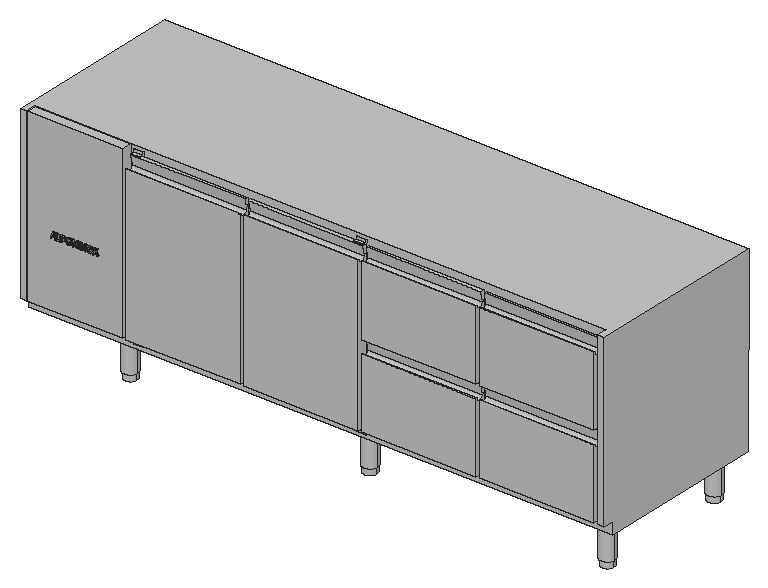
Revit family "QF_ALPENINOX_712078_AH4H7AABB", category Specialty Equipment, Revit 2018
Family settings
  Round Connector Dimension = Use Diameter
  Part Type = Normal
  Work Plane-Based = No
  Always vertical = Yes
  Cut with Voids When Loaded = No
  Shared = No
  Room Calculation Point = No
Parameters
  Weight = 0.00 kg
  Watts = 0.0232258 W
  Volts = 220 V
  URL Manufacturer = "http://www.alpeninox.com/"
  URL = "http://www.alpeninox.com/"
  Steam Supply Size = 0 mm
  Steam Supply Minimum Pressure = 0.0 Pa
  Steam Supply Maximum Pressure = 0.0 Pa
  Steam Pounds per Hour = 0
  Show Logo [instance] = yes
  Show Clearance [instance] = yes
  Refrigeration Suction Line Size = 0 mm
  Refrigeration Liquid Line Size = 0 mm
  Refrigerant Compressor Remote = yes
  Manufacturer = "Alpeninox"
  Phase = 1
  Model = "AH4H7AABB"
  Length Actual = 2249 mm  # constant formula
  Item Number = "712078"
  Hot Water Size = 0 mm
  Height Actual = 850 mm  # constant formula
  HP = "0.3 HP"
  Gas Size = 0 mm
  Gas KW = 0
  Gas Input Pressure = 0 W
  Description = "2 DOORS-4DRAWERS REFR.TABLE 590L-NO TOP"
  Depth Actual = 700 mm  # constant formula
  Cycle = 50 Hz
  Condensate Return Size = 0 mm
  Compressed Air Volume = 0.0 L/s
  Compressed Air Size = 0 mm
  Compressed Air Pressure = 0.0 Pa
  Cold Water Size = 0 mm
  Accessory = yes
Reference planes
  plane 1 "Center X": y = 182.5
  plane 2: z = 0
  plane 3 "Center Y": x = -580.5
  plane 4: y = -62.5
  plane 5: y = 451.5
  plane 6 "BACK": y = 532.5
  plane 7 "FRONT": y = -167.5
  plane 8: x = -1360
  plane 9: x = 478
  plane 10: z = 150
  plane 11 "TOP": z = 900
  plane 12: z = 850
  plane 13 "LEFT": x = -1705
  plane 14 "RIGHT": x = 544
  plane 15: x = -437
Forms (mm)
  Extrusion 1, solid, material "QF_Finishes_Stainless Steel"
    sketch origin (-580.5, 2, 0) x (0, 1, 0) y (0, 0, 1)
      loop
        line (530.5, 150) -> (530.5, 850) -> (-124.5, 850) -> (-124.5, 150) -> (530.5, 150)
    from -1124.5 to 1124.5
  Extrusion 2, solid, material "QF_Finishes_Stainless Steel"
    sketch origin (-1022.223, -1524, 150) x (-1, 0, 0) y (0, -1, 0)
      loop
        line (682.777, -1361.5) -> (657.777, -1361.5) -> (657.777, -1401.5) -> (682.777, -1401.5) -> (682.777, -1361.5)
      loop
        line (-1566.223, -1401.5) -> (-1541.223, -1401.5) -> (-1541.223, -1361.5) -> (-1566.223, -1361.5) -> (-1566.223, -1401.5)
    from 47 to 700
  Extrusion 3, solid, material "QF_Finishes_Stainless Steel"
    sketch origin (0, 0, 900) x (-1, 0, 0) y (0, -1, 0)
      loop
        circle (-57, -94.5) r 8.45
      loop
        circle (851, -94.5) r 8.45
    from -790.577 to -750
  Extrusion 4, solid, material "QF_Finishes_Stainless Steel"
    sketch origin (0, 0, 0) x (1, 0, 0) y (0, 1, 0)
      loop
        circle (-1621, 451.5) r 4
    from 109.423 to 150
Cuts and joins
  joined: Extrusion 1, Extrusion 2
Lines and regions (mm)
  symbolic lines, style "SpecialityEquipmentHiddenLines"
    curve 1: line (-1705, -122.5, 900) -> (544, -122.5, 900)
    curve 2: line (-1304, -162.5, 900) -> (-1304, -122.5, 900)
    curve 3: line (-1705, 532.5, 900) -> (544, 532.5, 900)
    curve 4: line (-1705, 532.5, 900) -> (-1705, -162.5, 900)
    curve 5: line (-1705, -162.5, 900) -> (544, -162.5, 900)
    curve 6: line (544, -162.5, 900) -> (544, 532.5, 900)
Dimensions and locks
  locked: plane 6 "BACK" to plane 7 "FRONT" at 700
  equal spacing: plane 6 "BACK", plane 1 "Center X", plane 7 "FRONT"
  locked: plane 6 "BACK" to plane 5 at 81
  plane 10 to level = 150 mm
  plane 11 "TOP" to plane 12 to plane 10 = 50 mm locked, 700 mm locked
  locked: Extrusion 2 sketch curve to Extrusion 2 sketch curve at 25  (x2)
  locked: plane 4 to plane 7 "FRONT" at 105
  locked: plane 6 "BACK" to Extrusion 3 sketch curve at 438  (x2)
  equal spacing: plane 13 "LEFT", plane 3 "Center Y", plane 14 "RIGHT"
  plane 13 "LEFT" to plane 14 "RIGHT" = 2249 mm
  locked: plane 13 "LEFT" to plane 8 at 345
  plane 15 to plane 9 to plane 14 "RIGHT" = 915 mm locked, 66 mm locked
  Extrusion 3 sketch curve to Extrusion 3 sketch curve to plane 14 "RIGHT" = 908 mm locked, 487 mm locked
  plane 13 "LEFT" to Extrusion 4 sketch curve = 84 mm
  locked: plane 6 "BACK" to Extrusion 4 sketch curve at 81
  locked: plane 10 to Extrusion 4 at 40.577
  aligned and locked: level to plane 2
  aligned and locked: plane 10 to Extrusion 3
  aligned and locked: nested 4 to plane 4
  aligned and locked: nested 1 to plane 4
  aligned and locked: nested 3 to plane 5
  aligned and locked: nested 2 to plane 5
  aligned and locked: plane 8 to nested 1
  aligned and locked: plane 8 to nested 2
  aligned and locked: plane 9 to nested 4
  aligned and locked: plane 9 to nested 3
  aligned and locked: Extrusion 1 to Extrusion 2
  aligned and locked: Extrusion 2 to Extrusion 1
  aligned and locked: Extrusion 2 sketch curve to plane 14 "RIGHT"
  aligned and locked: plane 13 "LEFT" to Extrusion 2 sketch curve
  aligned and locked: cut or joined group of Extrusion 1, Extrusion 2 to plane 10
  aligned and locked: plane 12 to cut or joined group of Extrusion 1, Extrusion 2
  aligned and locked: plane 10 to Extrusion 4
  aligned and locked: plane 15 to nested 11
  aligned and locked: plane 15 to nested 12
Automatic sketch dimensions
  plane 7 "FRONT" to Extrusion 2 sketch curve = 45 mm  (x2)
  plane 7 "FRONT" to Extrusion 2 sketch curve = 5 mm  (x2)
  curve 6 to plane 6 "BACK" = 0 mm
  curve 6 to plane 14 "RIGHT" = 0 mm
  plane 7 "FRONT" to curve 2 = 5 mm
  curve 5 to plane 13 "LEFT" = 0 mm
  plane 8 to curve 2 = 56 mm
  plane 7 "FRONT" to curve 1 = 45 mm
  Extrusion 1 sketch curve to plane 10 = 0 mm
  Extrusion 1 sketch curve to plane 12 = 0 mm
  Extrusion 1 sketch curve to plane 6 "BACK" = 0 mm
  plane 7 "FRONT" to Extrusion 1 sketch curve = 45 mm
  radius of Extrusion 4 sketch curve = 4 mm
  radius of Extrusion 3 sketch curve = 8.45 mm  (x2)
Nested families
  nested 1: "Foot_Ø50_H150" at (-1360, -62.5, 0), type "Foot_Ø50_H150"
  nested 2: "Foot_Ø50_H150" at (-1360, 451.5, 0), type "Foot_Ø50_H150"
  nested 3: "Foot_Ø50_H150" at (478, 451.5, 0), type "Foot_Ø50_H150"
  nested 4: "Foot_Ø50_H150" at (478, -62.5, 0), type "Foot_Ø50_H150"
  nested 5: "2 Drawers" at (285, -164.5, 0), Show Clearance <- "Show Clearance", type "2 Drawers"
  nested 6: "2 Drawers" at (-169, -164.5, 0), Show Clearance <- "Show Clearance", type "2 Drawers"
  nested 7: "Refrigerator" at (544, -167.5, 900), type "Refrigerator"
  nested 8: "ALP_Cooling Unit" at (-1495.5, -164.5, 0), Show Logo <- "Show Logo", type "ALP_Cooling Unit"
  nested 9: "Door" at (-623, -164.5, 0), Show Clearance <- "Show Clearance", type "Door"
  nested 10: "Door" at (-1077, -164.5, 0) x (-1, 0, 0) z (0, 0, 1), Show Clearance <- "Show Clearance", type "Door"
  nested 11: "Foot_Ø50_H150" at (-437, -62.5, 0), type "Foot_Ø50_H150"
  nested 12: "Foot_Ø50_H150" at (-437, 451.5, 0), type "Foot_Ø50_H150"
Connectors
  electrical at (-1621, 451.5, 109.423), driven by "Volts"
    settings: on Extrusion 4, index 4, voltage 220 V, apparent load 0 VA, apparent load phase1 0 VA, apparent load phase2 0 VA, apparent load phase3 0 VA, power factor 1, load classification "Altro", number of poles 1, system type 30, power factor state 1, is connector primary yes, connector utility no, sub classification motor no, connector description "Electrical Connection"
  piping at (57, 94.5, 109.423), diameter 17
    settings: on Extrusion 3, index 5, connector inside diameter 609.6 mm, connector length 0 mm, flow factor 0, pipe flow 0.0 L/s, pressure drop 0.0 Pa, fitting loss kfactor 0, connector angle 0.00°, fixture units 0, engagement length 0 mm, angle of deflection 0.00°, flow configuration 1, flow direction 2, fitting loss method 0, system type 16, joint type 0, gender type 0, connector reference index -1, connector utility 0, adjustable connector no, is connector primary yes, connector description "Drain"
  piping at (-851, 94.5, 109.423), diameter 17
    settings: on Extrusion 3, index 6, connector inside diameter 609.6 mm, connector length 0 mm, flow factor 0, pipe flow 0.0 L/s, pressure drop 0.0 Pa, fitting loss kfactor 0, connector angle 0.00°, fixture units 0, engagement length 0 mm, angle of deflection 0.00°, flow configuration 1, flow direction 2, fitting loss method 0, system type 16, joint type 0, gender type 0, connector reference index -1, connector utility 0, adjustable connector no, is connector primary no, connector description "Drain"
Definition of nested family "Foot_Ø50_H150"
  Reference planes
    plane 1 "Centro (Fronte/Retro)": y = 0
    plane 2: z = 0
    plane 3 "Centro (Sinistra/Destra)": x = 0
    plane 4: z = 150
  Forms (mm)
    Revolve 1, solid
      sketch origin (255.05, 0, 608.09) x (0, 0, 1) y (-1, 0, 0)
        loop
          line (-608.09, 255.05) -> (-608.09, 230.05) -> (-583.09, 230.05) -> (-583.09, 226.05) -> (-458.09, 226.05) -> (-458.09, 255.05) -> (-608.09, 255.05)
        axis (-608.09, 255.05) -> (-458.09, 255.05)
      angle from 0 to 360
  Dimensions and locks
    locked: Revolve 1 sketch curve to Revolve 1 sketch curve at 125
    aligned and locked: level to plane 2
    aligned and locked: plane 4 to Revolve 1 sketch curve
    aligned and locked: Revolve 1 sketch curve to level
    aligned and locked: plane 3 "Centro (Sinistra/Destra)" to Revolve 1 sketch curve
Definition of nested family "2 Drawers"
  Parameters
    Show Clearance [instance] = yes
  Reference planes
    plane 1 "FRONT": y = -3
    plane 2: z = 0
    plane 3 "Centro (Sinistra/Destra)": x = 0
    plane 4: z = 150
    plane 5: z = 850
    plane 6: x = -234
    plane 7: x = 234
    plane 8: x = -220
    plane 9: x = 220
  Forms (mm)
    Extrusion 1, solid
      sketch origin (0, 55, 511) x (0, 0, 1) y (0, -1, 0)
        loop
          line (314, 18) -> (314, 29) -> (274.395, 22.5)
          arc (274.395, 22.5) -> (260.395, 36.5) -> (274.395, 50.5) r 14
          line (274.395, 50.5) -> (274.395, 53) -> (5, 53) -> (5, 18) -> (314, 18)
        loop
          line (-5, 29) -> (-44.605, 22.5)
          arc (-44.605, 22.5) -> (-58.605, 36.5) -> (-44.605, 50.5) r 14
          line (-44.605, 50.5) -> (-44.605, 53) -> (-314, 53) -> (-314, 18) -> (-5, 18) -> (-5, 29)
      from -220 to 220
    Extrusion 2, solid, visible <- "Show Clearance", detail levels coarse
      sketch origin (0, -462, 511) x (0, 0, 1) y (0, -1, 0)
        loop
          line (-314, 109) -> (-314, -464) -> (-5, -464) -> (-5, 109) -> (-314, 109)
        loop
          line (314, -464) -> (314, 109) -> (5, 109) -> (5, -464) -> (314, -464)
      from -220 to 220
  Lines and regions (mm)
    symbolic lines
      curve 1: line (-190, -3, 0) -> (-190, -88, 0)
      curve 2: line (190, -88, 0) -> (190, -3, 0)
      curve 3: line (220, -88, 0) -> (-220, -88, 0)
      curve 4: line (-220, -88, 0) -> (-220, -123, 0)
      curve 5: line (-220, -123, 0) -> (220, -123, 0)
      curve 6: line (220, -123, 0) -> (220, -88, 0)
      curve 7: line (-190, -123, 0) -> (-190, -208, 0)
      curve 8: line (220, -208, 0) -> (-220, -208, 0)
      curve 9: line (-220, -208, 0) -> (-220, -243, 0)
      curve 10: line (-220, -243, 0) -> (220, -243, 0)
      curve 11: line (220, -243, 0) -> (220, -208, 0)
      curve 12: line (190, -208, 0) -> (190, -123, 0)
  Dimensions and locks
    aligned and locked: level to plane 2
Definition of nested family "ALP_Cooling Unit"
  Parameters
    Show Logo [instance] = yes
  Reference planes
    plane 1 "FRONT": y = -3
    plane 2: z = 0
    plane 3 "Centro (Sinistra/Destra)": x = 0
    plane 4: z = 150
    plane 5: z = 850
    plane 6: x = -184.5
    plane 7: x = 184.5
  Forms (mm)
    Extrusion 1, solid
      sketch origin (0, 55, 511) x (0, 0, 1) y (0, -1, 0)
        loop
          line (-314, 53) -> (-314, 13) -> (339, 13) -> (339, 53) -> (-314, 53)
      from -184.5 to 184.5
  Lines and regions (mm)
    Split face 1
      outline origin (0, 2, 197) x (0, 0, 1) y (-1, 0, 0)
        loop
          line (566.835, 184.5) -> (566.835, -184.5)
        loop
          line (521.835, 184.5) -> (521.835, -184.5)
    Split face 2
      outline origin (0, 2, 197) x (0, 0, 1) y (-1, 0, 0)
        loop
          line (526.835, -184.5) -> (526.835, 150.5)
          arc (526.835, 150.5) -> (544.335, 168) -> (561.835, 150.5) r 17.5
          line (561.835, 150.5) -> (561.835, -184.5)
    Split face 3
      outline origin (0, 2, 197) x (0, 0, 1) y (-1, 0, 0)
        loop
          line (555.835, 149.5) -> (532.835, 149.5) -> (532.835, 94.5) -> (555.835, 94.5) -> (555.835, 149.5)
    Split face 4
      outline origin (0, 2, 197) x (0, 0, 1) y (-1, 0, 0)
        loop
          arc (510.649, 158.547) -> (506.648, 162.548) -> (502.647, 158.547) r 4.001
          line (502.647, 158.547) -> (502.647, 116.535)
          arc (502.647, 116.535) -> (506.648, 112.533) -> (510.649, 116.535) r 4.001
          line (510.649, 116.535) -> (510.649, 158.547)
    Split face 5
      outline origin (0, 2, 184.996) x (0, 0, 1) y (-1, 0, 0)
        loop
          arc (510.649, 158.547) -> (506.648, 162.548) -> (502.647, 158.547) r 4.001
          line (502.647, 158.547) -> (502.647, 116.535)
          arc (502.647, 116.535) -> (506.648, 112.533) -> (510.649, 116.535) r 4.001
          line (510.649, 116.535) -> (510.649, 158.547)
    Split face 6
      outline origin (0, 2, 172.993) x (0, 0, 1) y (-1, 0, 0)
        loop
          arc (510.649, 158.547) -> (506.648, 162.548) -> (502.647, 158.547) r 4.001
          line (502.647, 158.547) -> (502.647, 116.535)
          arc (502.647, 116.535) -> (506.648, 112.533) -> (510.649, 116.535) r 4.001
          line (510.649, 116.535) -> (510.649, 158.547)
    Split face 7
      outline origin (0, 2, 160.989) x (0, 0, 1) y (-1, 0, 0)
        loop
          arc (510.649, 158.547) -> (506.648, 162.548) -> (502.647, 158.547) r 4.001
          line (502.647, 158.547) -> (502.647, 116.535)
          arc (502.647, 116.535) -> (506.648, 112.533) -> (510.649, 116.535) r 4.001
          line (510.649, 116.535) -> (510.649, 158.547)
    Split face 8
      outline origin (0, 2, 148.986) x (0, 0, 1) y (-1, 0, 0)
        loop
          arc (510.649, 158.547) -> (506.648, 162.548) -> (502.647, 158.547) r 4.001
          line (502.647, 158.547) -> (502.647, 116.535)
          arc (502.647, 116.535) -> (506.648, 112.533) -> (510.649, 116.535) r 4.001
          line (510.649, 116.535) -> (510.649, 158.547)
    Split face 9
      outline origin (0, 2, 136.982) x (0, 0, 1) y (-1, 0, 0)
        loop
          arc (510.649, 158.547) -> (506.648, 162.548) -> (502.647, 158.547) r 4.001
          line (502.647, 158.547) -> (502.647, 116.535)
          arc (502.647, 116.535) -> (506.648, 112.533) -> (510.649, 116.535) r 4.001
          line (510.649, 116.535) -> (510.649, 158.547)
    Split face 10
      outline origin (0, 2, 124.979) x (0, 0, 1) y (-1, 0, 0)
        loop
          arc (510.649, 158.547) -> (506.648, 162.548) -> (502.647, 158.547) r 4.001
          line (502.647, 158.547) -> (502.647, 116.535)
          arc (502.647, 116.535) -> (506.648, 112.533) -> (510.649, 116.535) r 4.001
          line (510.649, 116.535) -> (510.649, 158.547)
    Split face 11
      outline origin (0, 2, 112.975) x (0, 0, 1) y (-1, 0, 0)
        loop
          arc (510.649, 158.547) -> (506.648, 162.548) -> (502.647, 158.547) r 4.001
          line (502.647, 158.547) -> (502.647, 116.535)
          arc (502.647, 116.535) -> (506.648, 112.533) -> (510.649, 116.535) r 4.001
          line (510.649, 116.535) -> (510.649, 158.547)
    Split face 12
      outline origin (0, 2, 100.972) x (0, 0, 1) y (-1, 0, 0)
        loop
          arc (510.649, 158.547) -> (506.648, 162.548) -> (502.647, 158.547) r 4.001
          line (502.647, 158.547) -> (502.647, 116.535)
          arc (502.647, 116.535) -> (506.648, 112.533) -> (510.649, 116.535) r 4.001
          line (510.649, 116.535) -> (510.649, 158.547)
    Split face 13
      outline origin (0, 2, 88.968) x (0, 0, 1) y (-1, 0, 0)
        loop
          arc (510.649, 158.547) -> (506.648, 162.548) -> (502.647, 158.547) r 4.001
          line (502.647, 158.547) -> (502.647, 116.535)
          arc (502.647, 116.535) -> (506.648, 112.533) -> (510.649, 116.535) r 4.001
          line (510.649, 116.535) -> (510.649, 158.547)
    Split face 14
      outline origin (0, 2, 76.965) x (0, 0, 1) y (-1, 0, 0)
        loop
          arc (510.649, 158.547) -> (506.648, 162.548) -> (502.647, 158.547) r 4.001
          line (502.647, 158.547) -> (502.647, 116.535)
          arc (502.647, 116.535) -> (506.648, 112.533) -> (510.649, 116.535) r 4.001
          line (510.649, 116.535) -> (510.649, 158.547)
    Split face 15
      outline origin (0, 2, 64.961) x (0, 0, 1) y (-1, 0, 0)
        loop
          arc (510.649, 158.547) -> (506.648, 162.548) -> (502.647, 158.547) r 4.001
          line (502.647, 158.547) -> (502.647, 116.535)
          arc (502.647, 116.535) -> (506.648, 112.533) -> (510.649, 116.535) r 4.001
          line (510.649, 116.535) -> (510.649, 158.547)
    Split face 16
      outline origin (0, 2, 52.958) x (0, 0, 1) y (-1, 0, 0)
        loop
          arc (510.649, 158.547) -> (506.648, 162.548) -> (502.647, 158.547) r 4.001
          line (502.647, 158.547) -> (502.647, 116.535)
          arc (502.647, 116.535) -> (506.648, 112.533) -> (510.649, 116.535) r 4.001
          line (510.649, 116.535) -> (510.649, 158.547)
    Split face 17
      outline origin (0, 2, 40.954) x (0, 0, 1) y (-1, 0, 0)
        loop
          arc (510.649, 158.547) -> (506.648, 162.548) -> (502.647, 158.547) r 4.001
          line (502.647, 158.547) -> (502.647, 116.535)
          arc (502.647, 116.535) -> (506.648, 112.533) -> (510.649, 116.535) r 4.001
          line (510.649, 116.535) -> (510.649, 158.547)
    Split face 18
      outline origin (0, 2, 28.951) x (0, 0, 1) y (-1, 0, 0)
        loop
          arc (510.649, 158.547) -> (506.648, 162.548) -> (502.647, 158.547) r 4.001
          line (502.647, 158.547) -> (502.647, 116.535)
          arc (502.647, 116.535) -> (506.648, 112.533) -> (510.649, 116.535) r 4.001
          line (510.649, 116.535) -> (510.649, 158.547)
    Split face 19
      outline origin (0, 2, 16.947) x (0, 0, 1) y (-1, 0, 0)
        loop
          arc (510.649, 158.547) -> (506.648, 162.548) -> (502.647, 158.547) r 4.001
          line (502.647, 158.547) -> (502.647, 116.535)
          arc (502.647, 116.535) -> (506.648, 112.533) -> (510.649, 116.535) r 4.001
          line (510.649, 116.535) -> (510.649, 158.547)
    Split face 20
      outline origin (55.016, 2, 197) x (0, 0, 1) y (-1, 0, 0)
        loop
          arc (510.649, 158.547) -> (506.648, 162.548) -> (502.647, 158.547) r 4.001
          line (502.647, 158.547) -> (502.647, 116.535)
          arc (502.647, 116.535) -> (506.648, 112.533) -> (510.649, 116.535) r 4.001
          line (510.649, 116.535) -> (510.649, 158.547)
    Split face 21
      outline origin (55.016, 2, 184.996) x (0, 0, 1) y (-1, 0, 0)
        loop
          arc (510.649, 158.547) -> (506.648, 162.548) -> (502.647, 158.547) r 4.001
          line (502.647, 158.547) -> (502.647, 116.535)
          arc (502.647, 116.535) -> (506.648, 112.533) -> (510.649, 116.535) r 4.001
          line (510.649, 116.535) -> (510.649, 158.547)
    Split face 22
      outline origin (55.016, 2, 172.993) x (0, 0, 1) y (-1, 0, 0)
        loop
          arc (510.649, 158.547) -> (506.648, 162.548) -> (502.647, 158.547) r 4.001
          line (502.647, 158.547) -> (502.647, 116.535)
          arc (502.647, 116.535) -> (506.648, 112.533) -> (510.649, 116.535) r 4.001
          line (510.649, 116.535) -> (510.649, 158.547)
    Split face 23
      outline origin (55.016, 2, 160.989) x (0, 0, 1) y (-1, 0, 0)
        loop
          arc (510.649, 158.547) -> (506.648, 162.548) -> (502.647, 158.547) r 4.001
          line (502.647, 158.547) -> (502.647, 116.535)
          arc (502.647, 116.535) -> (506.648, 112.533) -> (510.649, 116.535) r 4.001
          line (510.649, 116.535) -> (510.649, 158.547)
    Split face 24
      outline origin (55.016, 2, 148.986) x (0, 0, 1) y (-1, 0, 0)
        loop
          arc (510.649, 158.547) -> (506.648, 162.548) -> (502.647, 158.547) r 4.001
          line (502.647, 158.547) -> (502.647, 116.535)
          arc (502.647, 116.535) -> (506.648, 112.533) -> (510.649, 116.535) r 4.001
          line (510.649, 116.535) -> (510.649, 158.547)
    Split face 25
      outline origin (55.016, 2, 136.982) x (0, 0, 1) y (-1, 0, 0)
        loop
          arc (510.649, 158.547) -> (506.648, 162.548) -> (502.647, 158.547) r 4.001
          line (502.647, 158.547) -> (502.647, 116.535)
          arc (502.647, 116.535) -> (506.648, 112.533) -> (510.649, 116.535) r 4.001
          line (510.649, 116.535) -> (510.649, 158.547)
    Split face 26
      outline origin (55.016, 2, 124.979) x (0, 0, 1) y (-1, 0, 0)
        loop
          arc (510.649, 158.547) -> (506.648, 162.548) -> (502.647, 158.547) r 4.001
          line (502.647, 158.547) -> (502.647, 116.535)
          arc (502.647, 116.535) -> (506.648, 112.533) -> (510.649, 116.535) r 4.001
          line (510.649, 116.535) -> (510.649, 158.547)
    Split face 27
      outline origin (55.016, 2, 112.975) x (0, 0, 1) y (-1, 0, 0)
        loop
          arc (510.649, 158.547) -> (506.648, 162.548) -> (502.647, 158.547) r 4.001
          line (502.647, 158.547) -> (502.647, 116.535)
          arc (502.647, 116.535) -> (506.648, 112.533) -> (510.649, 116.535) r 4.001
          line (510.649, 116.535) -> (510.649, 158.547)
    Split face 28
      outline origin (55.016, 2, 100.972) x (0, 0, 1) y (-1, 0, 0)
        loop
          arc (510.649, 158.547) -> (506.648, 162.548) -> (502.647, 158.547) r 4.001
          line (502.647, 158.547) -> (502.647, 116.535)
          arc (502.647, 116.535) -> (506.648, 112.533) -> (510.649, 116.535) r 4.001
          line (510.649, 116.535) -> (510.649, 158.547)
    Split face 29
      outline origin (55.016, 2, 88.968) x (0, 0, 1) y (-1, 0, 0)
        loop
          arc (510.649, 158.547) -> (506.648, 162.548) -> (502.647, 158.547) r 4.001
          line (502.647, 158.547) -> (502.647, 116.535)
          arc (502.647, 116.535) -> (506.648, 112.533) -> (510.649, 116.535) r 4.001
          line (510.649, 116.535) -> (510.649, 158.547)
    Split face 30
      outline origin (55.016, 2, 76.965) x (0, 0, 1) y (-1, 0, 0)
        loop
          arc (510.649, 158.547) -> (506.648, 162.548) -> (502.647, 158.547) r 4.001
          line (502.647, 158.547) -> (502.647, 116.535)
          arc (502.647, 116.535) -> (506.648, 112.533) -> (510.649, 116.535) r 4.001
          line (510.649, 116.535) -> (510.649, 158.547)
    Split face 31
      outline origin (55.016, 2, 64.961) x (0, 0, 1) y (-1, 0, 0)
        loop
          arc (510.649, 158.547) -> (506.648, 162.548) -> (502.647, 158.547) r 4.001
          line (502.647, 158.547) -> (502.647, 116.535)
          arc (502.647, 116.535) -> (506.648, 112.533) -> (510.649, 116.535) r 4.001
          line (510.649, 116.535) -> (510.649, 158.547)
    Split face 32
      outline origin (55.016, 2, 52.958) x (0, 0, 1) y (-1, 0, 0)
        loop
          arc (510.649, 158.547) -> (506.648, 162.548) -> (502.647, 158.547) r 4.001
          line (502.647, 158.547) -> (502.647, 116.535)
          arc (502.647, 116.535) -> (506.648, 112.533) -> (510.649, 116.535) r 4.001
          line (510.649, 116.535) -> (510.649, 158.547)
    Split face 33
      outline origin (55.016, 2, 40.954) x (0, 0, 1) y (-1, 0, 0)
        loop
          arc (510.649, 158.547) -> (506.648, 162.548) -> (502.647, 158.547) r 4.001
          line (502.647, 158.547) -> (502.647, 116.535)
          arc (502.647, 116.535) -> (506.648, 112.533) -> (510.649, 116.535) r 4.001
          line (510.649, 116.535) -> (510.649, 158.547)
    Split face 34
      outline origin (55.016, 2, 28.951) x (0, 0, 1) y (-1, 0, 0)
        loop
          arc (510.649, 158.547) -> (506.648, 162.548) -> (502.647, 158.547) r 4.001
          line (502.647, 158.547) -> (502.647, 116.535)
          arc (502.647, 116.535) -> (506.648, 112.533) -> (510.649, 116.535) r 4.001
          line (510.649, 116.535) -> (510.649, 158.547)
    Split face 35
      outline origin (55.016, 2, 16.947) x (0, 0, 1) y (-1, 0, 0)
        loop
          arc (510.649, 158.547) -> (506.648, 162.548) -> (502.647, 158.547) r 4.001
          line (502.647, 158.547) -> (502.647, 116.535)
          arc (502.647, 116.535) -> (506.648, 112.533) -> (510.649, 116.535) r 4.001
          line (510.649, 116.535) -> (510.649, 158.547)
    Split face 36
      outline origin (110.032, 2, 197) x (0, 0, 1) y (-1, 0, 0)
        loop
          arc (510.649, 158.547) -> (506.648, 162.548) -> (502.647, 158.547) r 4.001
          line (502.647, 158.547) -> (502.647, 116.535)
          arc (502.647, 116.535) -> (506.648, 112.533) -> (510.649, 116.535) r 4.001
          line (510.649, 116.535) -> (510.649, 158.547)
    Split face 37
      outline origin (110.032, 2, 184.996) x (0, 0, 1) y (-1, 0, 0)
        loop
          arc (510.649, 158.547) -> (506.648, 162.548) -> (502.647, 158.547) r 4.001
          line (502.647, 158.547) -> (502.647, 116.535)
          arc (502.647, 116.535) -> (506.648, 112.533) -> (510.649, 116.535) r 4.001
          line (510.649, 116.535) -> (510.649, 158.547)
    Split face 38
      outline origin (110.032, 2, 172.993) x (0, 0, 1) y (-1, 0, 0)
        loop
          arc (510.649, 158.547) -> (506.648, 162.548) -> (502.647, 158.547) r 4.001
          line (502.647, 158.547) -> (502.647, 116.535)
          arc (502.647, 116.535) -> (506.648, 112.533) -> (510.649, 116.535) r 4.001
          line (510.649, 116.535) -> (510.649, 158.547)
    Split face 39
      outline origin (110.032, 2, 160.989) x (0, 0, 1) y (-1, 0, 0)
        loop
          arc (510.649, 158.547) -> (506.648, 162.548) -> (502.647, 158.547) r 4.001
          line (502.647, 158.547) -> (502.647, 116.535)
          arc (502.647, 116.535) -> (506.648, 112.533) -> (510.649, 116.535) r 4.001
          line (510.649, 116.535) -> (510.649, 158.547)
    Split face 40
      outline origin (110.032, 2, 148.986) x (0, 0, 1) y (-1, 0, 0)
        loop
          arc (510.649, 158.547) -> (506.648, 162.548) -> (502.647, 158.547) r 4.001
          line (502.647, 158.547) -> (502.647, 116.535)
          arc (502.647, 116.535) -> (506.648, 112.533) -> (510.649, 116.535) r 4.001
          line (510.649, 116.535) -> (510.649, 158.547)
    Split face 41
      outline origin (110.032, 2, 136.982) x (0, 0, 1) y (-1, 0, 0)
        loop
          arc (510.649, 158.547) -> (506.648, 162.548) -> (502.647, 158.547) r 4.001
          line (502.647, 158.547) -> (502.647, 116.535)
          arc (502.647, 116.535) -> (506.648, 112.533) -> (510.649, 116.535) r 4.001
          line (510.649, 116.535) -> (510.649, 158.547)
    Split face 42
      outline origin (110.032, 2, 124.979) x (0, 0, 1) y (-1, 0, 0)
        loop
          arc (510.649, 158.547) -> (506.648, 162.548) -> (502.647, 158.547) r 4.001
          line (502.647, 158.547) -> (502.647, 116.535)
          arc (502.647, 116.535) -> (506.648, 112.533) -> (510.649, 116.535) r 4.001
          line (510.649, 116.535) -> (510.649, 158.547)
    Split face 43
      outline origin (110.032, 2, 112.975) x (0, 0, 1) y (-1, 0, 0)
        loop
          arc (510.649, 158.547) -> (506.648, 162.548) -> (502.647, 158.547) r 4.001
          line (502.647, 158.547) -> (502.647, 116.535)
          arc (502.647, 116.535) -> (506.648, 112.533) -> (510.649, 116.535) r 4.001
          line (510.649, 116.535) -> (510.649, 158.547)
    Split face 44
      outline origin (110.032, 2, 100.972) x (0, 0, 1) y (-1, 0, 0)
        loop
          arc (510.649, 158.547) -> (506.648, 162.548) -> (502.647, 158.547) r 4.001
          line (502.647, 158.547) -> (502.647, 116.535)
          arc (502.647, 116.535) -> (506.648, 112.533) -> (510.649, 116.535) r 4.001
          line (510.649, 116.535) -> (510.649, 158.547)
    Split face 45
      outline origin (110.032, 2, 88.968) x (0, 0, 1) y (-1, 0, 0)
        loop
          arc (510.649, 158.547) -> (506.648, 162.548) -> (502.647, 158.547) r 4.001
          line (502.647, 158.547) -> (502.647, 116.535)
          arc (502.647, 116.535) -> (506.648, 112.533) -> (510.649, 116.535) r 4.001
          line (510.649, 116.535) -> (510.649, 158.547)
    Split face 46
      outline origin (110.032, 2, 76.965) x (0, 0, 1) y (-1, 0, 0)
        loop
          arc (510.649, 158.547) -> (506.648, 162.548) -> (502.647, 158.547) r 4.001
          line (502.647, 158.547) -> (502.647, 116.535)
          arc (502.647, 116.535) -> (506.648, 112.533) -> (510.649, 116.535) r 4.001
          line (510.649, 116.535) -> (510.649, 158.547)
    Split face 47
      outline origin (110.032, 2, 64.961) x (0, 0, 1) y (-1, 0, 0)
        loop
          arc (510.649, 158.547) -> (506.648, 162.548) -> (502.647, 158.547) r 4.001
          line (502.647, 158.547) -> (502.647, 116.535)
          arc (502.647, 116.535) -> (506.648, 112.533) -> (510.649, 116.535) r 4.001
          line (510.649, 116.535) -> (510.649, 158.547)
    Split face 48
      outline origin (110.032, 2, 52.958) x (0, 0, 1) y (-1, 0, 0)
        loop
          arc (510.649, 158.547) -> (506.648, 162.548) -> (502.647, 158.547) r 4.001
          line (502.647, 158.547) -> (502.647, 116.535)
          arc (502.647, 116.535) -> (506.648, 112.533) -> (510.649, 116.535) r 4.001
          line (510.649, 116.535) -> (510.649, 158.547)
    Split face 49
      outline origin (110.032, 2, 40.954) x (0, 0, 1) y (-1, 0, 0)
        loop
          arc (510.649, 158.547) -> (506.648, 162.548) -> (502.647, 158.547) r 4.001
          line (502.647, 158.547) -> (502.647, 116.535)
          arc (502.647, 116.535) -> (506.648, 112.533) -> (510.649, 116.535) r 4.001
          line (510.649, 116.535) -> (510.649, 158.547)
    Split face 50
      outline origin (110.032, 2, 28.951) x (0, 0, 1) y (-1, 0, 0)
        loop
          arc (510.649, 158.547) -> (506.648, 162.548) -> (502.647, 158.547) r 4.001
          line (502.647, 158.547) -> (502.647, 116.535)
          arc (502.647, 116.535) -> (506.648, 112.533) -> (510.649, 116.535) r 4.001
          line (510.649, 116.535) -> (510.649, 158.547)
    Split face 51
      outline origin (110.032, 2, 16.947) x (0, 0, 1) y (-1, 0, 0)
        loop
          arc (510.649, 158.547) -> (506.648, 162.548) -> (502.647, 158.547) r 4.001
          line (502.647, 158.547) -> (502.647, 116.535)
          arc (502.647, 116.535) -> (506.648, 112.533) -> (510.649, 116.535) r 4.001
          line (510.649, 116.535) -> (510.649, 158.547)
    Split face 52
      outline origin (165.048, 2, 197) x (0, 0, 1) y (-1, 0, 0)
        loop
          arc (510.649, 158.547) -> (506.648, 162.548) -> (502.647, 158.547) r 4.001
          line (502.647, 158.547) -> (502.647, 116.535)
          arc (502.647, 116.535) -> (506.648, 112.533) -> (510.649, 116.535) r 4.001
          line (510.649, 116.535) -> (510.649, 158.547)
    Split face 53
      outline origin (165.048, 2, 184.996) x (0, 0, 1) y (-1, 0, 0)
        loop
          arc (510.649, 158.547) -> (506.648, 162.548) -> (502.647, 158.547) r 4.001
          line (502.647, 158.547) -> (502.647, 116.535)
          arc (502.647, 116.535) -> (506.648, 112.533) -> (510.649, 116.535) r 4.001
          line (510.649, 116.535) -> (510.649, 158.547)
    Split face 54
      outline origin (165.048, 2, 172.993) x (0, 0, 1) y (-1, 0, 0)
        loop
          arc (510.649, 158.547) -> (506.648, 162.548) -> (502.647, 158.547) r 4.001
          line (502.647, 158.547) -> (502.647, 116.535)
          arc (502.647, 116.535) -> (506.648, 112.533) -> (510.649, 116.535) r 4.001
          line (510.649, 116.535) -> (510.649, 158.547)
    Split face 55
      outline origin (165.048, 2, 160.989) x (0, 0, 1) y (-1, 0, 0)
        loop
          arc (510.649, 158.547) -> (506.648, 162.548) -> (502.647, 158.547) r 4.001
          line (502.647, 158.547) -> (502.647, 116.535)
          arc (502.647, 116.535) -> (506.648, 112.533) -> (510.649, 116.535) r 4.001
          line (510.649, 116.535) -> (510.649, 158.547)
    Split face 56
      outline origin (165.048, 2, 148.986) x (0, 0, 1) y (-1, 0, 0)
        loop
          arc (510.649, 158.547) -> (506.648, 162.548) -> (502.647, 158.547) r 4.001
          line (502.647, 158.547) -> (502.647, 116.535)
          arc (502.647, 116.535) -> (506.648, 112.533) -> (510.649, 116.535) r 4.001
          line (510.649, 116.535) -> (510.649, 158.547)
    Split face 57
      outline origin (165.048, 2, 136.982) x (0, 0, 1) y (-1, 0, 0)
        loop
          arc (510.649, 158.547) -> (506.648, 162.548) -> (502.647, 158.547) r 4.001
          line (502.647, 158.547) -> (502.647, 116.535)
          arc (502.647, 116.535) -> (506.648, 112.533) -> (510.649, 116.535) r 4.001
          line (510.649, 116.535) -> (510.649, 158.547)
    Split face 58
      outline origin (165.048, 2, 124.979) x (0, 0, 1) y (-1, 0, 0)
        loop
          arc (510.649, 158.547) -> (506.648, 162.548) -> (502.647, 158.547) r 4.001
          line (502.647, 158.547) -> (502.647, 116.535)
          arc (502.647, 116.535) -> (506.648, 112.533) -> (510.649, 116.535) r 4.001
          line (510.649, 116.535) -> (510.649, 158.547)
    Split face 59
      outline origin (165.048, 2, 112.975) x (0, 0, 1) y (-1, 0, 0)
        loop
          arc (510.649, 158.547) -> (506.648, 162.548) -> (502.647, 158.547) r 4.001
          line (502.647, 158.547) -> (502.647, 116.535)
          arc (502.647, 116.535) -> (506.648, 112.533) -> (510.649, 116.535) r 4.001
          line (510.649, 116.535) -> (510.649, 158.547)
    Split face 60
      outline origin (165.048, 2, 100.972) x (0, 0, 1) y (-1, 0, 0)
        loop
          arc (510.649, 158.547) -> (506.648, 162.548) -> (502.647, 158.547) r 4.001
          line (502.647, 158.547) -> (502.647, 116.535)
          arc (502.647, 116.535) -> (506.648, 112.533) -> (510.649, 116.535) r 4.001
          line (510.649, 116.535) -> (510.649, 158.547)
    Split face 61
      outline origin (165.048, 2, 88.968) x (0, 0, 1) y (-1, 0, 0)
        loop
          arc (510.649, 158.547) -> (506.648, 162.548) -> (502.647, 158.547) r 4.001
          line (502.647, 158.547) -> (502.647, 116.535)
          arc (502.647, 116.535) -> (506.648, 112.533) -> (510.649, 116.535) r 4.001
          line (510.649, 116.535) -> (510.649, 158.547)
    Split face 62
      outline origin (165.048, 2, 76.965) x (0, 0, 1) y (-1, 0, 0)
        loop
          arc (510.649, 158.547) -> (506.648, 162.548) -> (502.647, 158.547) r 4.001
          line (502.647, 158.547) -> (502.647, 116.535)
          arc (502.647, 116.535) -> (506.648, 112.533) -> (510.649, 116.535) r 4.001
          line (510.649, 116.535) -> (510.649, 158.547)
    Split face 63
      outline origin (165.048, 2, 64.961) x (0, 0, 1) y (-1, 0, 0)
        loop
          arc (510.649, 158.547) -> (506.648, 162.548) -> (502.647, 158.547) r 4.001
          line (502.647, 158.547) -> (502.647, 116.535)
          arc (502.647, 116.535) -> (506.648, 112.533) -> (510.649, 116.535) r 4.001
          line (510.649, 116.535) -> (510.649, 158.547)
    Split face 64
      outline origin (165.048, 2, 52.958) x (0, 0, 1) y (-1, 0, 0)
        loop
          arc (510.649, 158.547) -> (506.648, 162.548) -> (502.647, 158.547) r 4.001
          line (502.647, 158.547) -> (502.647, 116.535)
          arc (502.647, 116.535) -> (506.648, 112.533) -> (510.649, 116.535) r 4.001
          line (510.649, 116.535) -> (510.649, 158.547)
    Split face 65
      outline origin (165.048, 2, 40.954) x (0, 0, 1) y (-1, 0, 0)
        loop
          arc (510.649, 158.547) -> (506.648, 162.548) -> (502.647, 158.547) r 4.001
          line (502.647, 158.547) -> (502.647, 116.535)
          arc (502.647, 116.535) -> (506.648, 112.533) -> (510.649, 116.535) r 4.001
          line (510.649, 116.535) -> (510.649, 158.547)
    Split face 66
      outline origin (165.048, 2, 28.951) x (0, 0, 1) y (-1, 0, 0)
        loop
          arc (510.649, 158.547) -> (506.648, 162.548) -> (502.647, 158.547) r 4.001
          line (502.647, 158.547) -> (502.647, 116.535)
          arc (502.647, 116.535) -> (506.648, 112.533) -> (510.649, 116.535) r 4.001
          line (510.649, 116.535) -> (510.649, 158.547)
    Split face 67
      outline origin (165.048, 2, 16.947) x (0, 0, 1) y (-1, 0, 0)
        loop
          arc (510.649, 158.547) -> (506.648, 162.548) -> (502.647, 158.547) r 4.001
          line (502.647, 158.547) -> (502.647, 116.535)
          arc (502.647, 116.535) -> (506.648, 112.533) -> (510.649, 116.535) r 4.001
          line (510.649, 116.535) -> (510.649, 158.547)
    Split face 68
      outline origin (220.064, 2, 197) x (0, 0, 1) y (-1, 0, 0)
        loop
          arc (510.649, 158.547) -> (506.648, 162.548) -> (502.647, 158.547) r 4.001
          line (502.647, 158.547) -> (502.647, 116.535)
          arc (502.647, 116.535) -> (506.648, 112.533) -> (510.649, 116.535) r 4.001
          line (510.649, 116.535) -> (510.649, 158.547)
    Split face 69
      outline origin (220.064, 2, 184.996) x (0, 0, 1) y (-1, 0, 0)
        loop
          arc (510.649, 158.547) -> (506.648, 162.548) -> (502.647, 158.547) r 4.001
          line (502.647, 158.547) -> (502.647, 116.535)
          arc (502.647, 116.535) -> (506.648, 112.533) -> (510.649, 116.535) r 4.001
          line (510.649, 116.535) -> (510.649, 158.547)
    Split face 70
      outline origin (220.064, 2, 172.993) x (0, 0, 1) y (-1, 0, 0)
        loop
          arc (510.649, 158.547) -> (506.648, 162.548) -> (502.647, 158.547) r 4.001
          line (502.647, 158.547) -> (502.647, 116.535)
          arc (502.647, 116.535) -> (506.648, 112.533) -> (510.649, 116.535) r 4.001
          line (510.649, 116.535) -> (510.649, 158.547)
    Split face 71
      outline origin (220.064, 2, 160.989) x (0, 0, 1) y (-1, 0, 0)
        loop
          arc (510.649, 158.547) -> (506.648, 162.548) -> (502.647, 158.547) r 4.001
          line (502.647, 158.547) -> (502.647, 116.535)
          arc (502.647, 116.535) -> (506.648, 112.533) -> (510.649, 116.535) r 4.001
          line (510.649, 116.535) -> (510.649, 158.547)
    Split face 72
      outline origin (220.064, 2, 148.986) x (0, 0, 1) y (-1, 0, 0)
        loop
          arc (510.649, 158.547) -> (506.648, 162.548) -> (502.647, 158.547) r 4.001
          line (502.647, 158.547) -> (502.647, 116.535)
          arc (502.647, 116.535) -> (506.648, 112.533) -> (510.649, 116.535) r 4.001
          line (510.649, 116.535) -> (510.649, 158.547)
    Split face 73
      outline origin (220.064, 2, 136.982) x (0, 0, 1) y (-1, 0, 0)
        loop
          arc (510.649, 158.547) -> (506.648, 162.548) -> (502.647, 158.547) r 4.001
          line (502.647, 158.547) -> (502.647, 116.535)
          arc (502.647, 116.535) -> (506.648, 112.533) -> (510.649, 116.535) r 4.001
          line (510.649, 116.535) -> (510.649, 158.547)
    Split face 74
      outline origin (220.064, 2, 124.979) x (0, 0, 1) y (-1, 0, 0)
        loop
          arc (510.649, 158.547) -> (506.648, 162.548) -> (502.647, 158.547) r 4.001
          line (502.647, 158.547) -> (502.647, 116.535)
          arc (502.647, 116.535) -> (506.648, 112.533) -> (510.649, 116.535) r 4.001
          line (510.649, 116.535) -> (510.649, 158.547)
    Split face 75
      outline origin (220.064, 2, 112.975) x (0, 0, 1) y (-1, 0, 0)
        loop
          arc (510.649, 158.547) -> (506.648, 162.548) -> (502.647, 158.547) r 4.001
          line (502.647, 158.547) -> (502.647, 116.535)
          arc (502.647, 116.535) -> (506.648, 112.533) -> (510.649, 116.535) r 4.001
          line (510.649, 116.535) -> (510.649, 158.547)
    Split face 76
      outline origin (220.064, 2, 100.972) x (0, 0, 1) y (-1, 0, 0)
        loop
          arc (510.649, 158.547) -> (506.648, 162.548) -> (502.647, 158.547) r 4.001
          line (502.647, 158.547) -> (502.647, 116.535)
          arc (502.647, 116.535) -> (506.648, 112.533) -> (510.649, 116.535) r 4.001
          line (510.649, 116.535) -> (510.649, 158.547)
    Split face 77
      outline origin (220.064, 2, 88.968) x (0, 0, 1) y (-1, 0, 0)
        loop
          arc (510.649, 158.547) -> (506.648, 162.548) -> (502.647, 158.547) r 4.001
          line (502.647, 158.547) -> (502.647, 116.535)
          arc (502.647, 116.535) -> (506.648, 112.533) -> (510.649, 116.535) r 4.001
          line (510.649, 116.535) -> (510.649, 158.547)
    Split face 78
      outline origin (220.064, 2, 76.965) x (0, 0, 1) y (-1, 0, 0)
        loop
          arc (510.649, 158.547) -> (506.648, 162.548) -> (502.647, 158.547) r 4.001
          line (502.647, 158.547) -> (502.647, 116.535)
          arc (502.647, 116.535) -> (506.648, 112.533) -> (510.649, 116.535) r 4.001
          line (510.649, 116.535) -> (510.649, 158.547)
    Split face 79
      outline origin (220.064, 2, 64.961) x (0, 0, 1) y (-1, 0, 0)
        loop
          arc (510.649, 158.547) -> (506.648, 162.548) -> (502.647, 158.547) r 4.001
          line (502.647, 158.547) -> (502.647, 116.535)
          arc (502.647, 116.535) -> (506.648, 112.533) -> (510.649, 116.535) r 4.001
          line (510.649, 116.535) -> (510.649, 158.547)
    Split face 80
      outline origin (220.064, 2, 52.958) x (0, 0, 1) y (-1, 0, 0)
        loop
          arc (510.649, 158.547) -> (506.648, 162.548) -> (502.647, 158.547) r 4.001
          line (502.647, 158.547) -> (502.647, 116.535)
          arc (502.647, 116.535) -> (506.648, 112.533) -> (510.649, 116.535) r 4.001
          line (510.649, 116.535) -> (510.649, 158.547)
    Split face 81
      outline origin (220.064, 2, 40.954) x (0, 0, 1) y (-1, 0, 0)
        loop
          arc (510.649, 158.547) -> (506.648, 162.548) -> (502.647, 158.547) r 4.001
          line (502.647, 158.547) -> (502.647, 116.535)
          arc (502.647, 116.535) -> (506.648, 112.533) -> (510.649, 116.535) r 4.001
          line (510.649, 116.535) -> (510.649, 158.547)
    Split face 82
      outline origin (220.064, 2, 28.951) x (0, 0, 1) y (-1, 0, 0)
        loop
          arc (510.649, 158.547) -> (506.648, 162.548) -> (502.647, 158.547) r 4.001
          line (502.647, 158.547) -> (502.647, 116.535)
          arc (502.647, 116.535) -> (506.648, 112.533) -> (510.649, 116.535) r 4.001
          line (510.649, 116.535) -> (510.649, 158.547)
    Split face 83
      outline origin (220.064, 2, 16.947) x (0, 0, 1) y (-1, 0, 0)
        loop
          arc (510.649, 158.547) -> (506.648, 162.548) -> (502.647, 158.547) r 4.001
          line (502.647, 158.547) -> (502.647, 116.535)
          arc (502.647, 116.535) -> (506.648, 112.533) -> (510.649, 116.535) r 4.001
          line (510.649, 116.535) -> (510.649, 158.547)
    Split face 84
      outline origin (275.081, 2, 197) x (0, 0, 1) y (-1, 0, 0)
        loop
          arc (510.649, 158.547) -> (506.648, 162.548) -> (502.647, 158.547) r 4.001
          line (502.647, 158.547) -> (502.647, 116.535)
          arc (502.647, 116.535) -> (506.648, 112.533) -> (510.649, 116.535) r 4.001
          line (510.649, 116.535) -> (510.649, 158.547)
    Split face 85
      outline origin (275.081, 2, 184.996) x (0, 0, 1) y (-1, 0, 0)
        loop
          arc (510.649, 158.547) -> (506.648, 162.548) -> (502.647, 158.547) r 4.001
          line (502.647, 158.547) -> (502.647, 116.535)
          arc (502.647, 116.535) -> (506.648, 112.533) -> (510.649, 116.535) r 4.001
          line (510.649, 116.535) -> (510.649, 158.547)
    Split face 86
      outline origin (275.081, 2, 172.993) x (0, 0, 1) y (-1, 0, 0)
        loop
          arc (510.649, 158.547) -> (506.648, 162.548) -> (502.647, 158.547) r 4.001
          line (502.647, 158.547) -> (502.647, 116.535)
          arc (502.647, 116.535) -> (506.648, 112.533) -> (510.649, 116.535) r 4.001
          line (510.649, 116.535) -> (510.649, 158.547)
    Split face 87
      outline origin (275.081, 2, 160.989) x (0, 0, 1) y (-1, 0, 0)
        loop
          arc (510.649, 158.547) -> (506.648, 162.548) -> (502.647, 158.547) r 4.001
          line (502.647, 158.547) -> (502.647, 116.535)
          arc (502.647, 116.535) -> (506.648, 112.533) -> (510.649, 116.535) r 4.001
          line (510.649, 116.535) -> (510.649, 158.547)
    Split face 88
      outline origin (275.081, 2, 148.986) x (0, 0, 1) y (-1, 0, 0)
        loop
          arc (510.649, 158.547) -> (506.648, 162.548) -> (502.647, 158.547) r 4.001
          line (502.647, 158.547) -> (502.647, 116.535)
          arc (502.647, 116.535) -> (506.648, 112.533) -> (510.649, 116.535) r 4.001
          line (510.649, 116.535) -> (510.649, 158.547)
    Split face 89
      outline origin (275.081, 2, 136.982) x (0, 0, 1) y (-1, 0, 0)
        loop
          arc (510.649, 158.547) -> (506.648, 162.548) -> (502.647, 158.547) r 4.001
          line (502.647, 158.547) -> (502.647, 116.535)
          arc (502.647, 116.535) -> (506.648, 112.533) -> (510.649, 116.535) r 4.001
          line (510.649, 116.535) -> (510.649, 158.547)
    Split face 90
      outline origin (275.081, 2, 124.979) x (0, 0, 1) y (-1, 0, 0)
        loop
          arc (510.649, 158.547) -> (506.648, 162.548) -> (502.647, 158.547) r 4.001
          line (502.647, 158.547) -> (502.647, 116.535)
          arc (502.647, 116.535) -> (506.648, 112.533) -> (510.649, 116.535) r 4.001
          line (510.649, 116.535) -> (510.649, 158.547)
    Split face 91
      outline origin (275.081, 2, 112.975) x (0, 0, 1) y (-1, 0, 0)
        loop
          arc (510.649, 158.547) -> (506.648, 162.548) -> (502.647, 158.547) r 4.001
          line (502.647, 158.547) -> (502.647, 116.535)
          arc (502.647, 116.535) -> (506.648, 112.533) -> (510.649, 116.535) r 4.001
          line (510.649, 116.535) -> (510.649, 158.547)
    Split face 92
      outline origin (275.081, 2, 100.972) x (0, 0, 1) y (-1, 0, 0)
        loop
          arc (510.649, 158.547) -> (506.648, 162.548) -> (502.647, 158.547) r 4.001
          line (502.647, 158.547) -> (502.647, 116.535)
          arc (502.647, 116.535) -> (506.648, 112.533) -> (510.649, 116.535) r 4.001
          line (510.649, 116.535) -> (510.649, 158.547)
    Split face 93
      outline origin (275.081, 2, 88.968) x (0, 0, 1) y (-1, 0, 0)
        loop
          arc (510.649, 158.547) -> (506.648, 162.548) -> (502.647, 158.547) r 4.001
          line (502.647, 158.547) -> (502.647, 116.535)
          arc (502.647, 116.535) -> (506.648, 112.533) -> (510.649, 116.535) r 4.001
          line (510.649, 116.535) -> (510.649, 158.547)
    Split face 94
      outline origin (275.081, 2, 76.965) x (0, 0, 1) y (-1, 0, 0)
        loop
          arc (510.649, 158.547) -> (506.648, 162.548) -> (502.647, 158.547) r 4.001
          line (502.647, 158.547) -> (502.647, 116.535)
          arc (502.647, 116.535) -> (506.648, 112.533) -> (510.649, 116.535) r 4.001
          line (510.649, 116.535) -> (510.649, 158.547)
    Split face 95
      outline origin (275.081, 2, 64.961) x (0, 0, 1) y (-1, 0, 0)
        loop
          arc (510.649, 158.547) -> (506.648, 162.548) -> (502.647, 158.547) r 4.001
          line (502.647, 158.547) -> (502.647, 116.535)
          arc (502.647, 116.535) -> (506.648, 112.533) -> (510.649, 116.535) r 4.001
          line (510.649, 116.535) -> (510.649, 158.547)
    Split face 96
      outline origin (275.081, 2, 52.958) x (0, 0, 1) y (-1, 0, 0)
        loop
          arc (510.649, 158.547) -> (506.648, 162.548) -> (502.647, 158.547) r 4.001
          line (502.647, 158.547) -> (502.647, 116.535)
          arc (502.647, 116.535) -> (506.648, 112.533) -> (510.649, 116.535) r 4.001
          line (510.649, 116.535) -> (510.649, 158.547)
    Split face 97
      outline origin (275.081, 2, 40.954) x (0, 0, 1) y (-1, 0, 0)
        loop
          arc (510.649, 158.547) -> (506.648, 162.548) -> (502.647, 158.547) r 4.001
          line (502.647, 158.547) -> (502.647, 116.535)
          arc (502.647, 116.535) -> (506.648, 112.533) -> (510.649, 116.535) r 4.001
          line (510.649, 116.535) -> (510.649, 158.547)
    Split face 98
      outline origin (275.081, 2, 28.951) x (0, 0, 1) y (-1, 0, 0)
        loop
          arc (510.649, 158.547) -> (506.648, 162.548) -> (502.647, 158.547) r 4.001
          line (502.647, 158.547) -> (502.647, 116.535)
          arc (502.647, 116.535) -> (506.648, 112.533) -> (510.649, 116.535) r 4.001
          line (510.649, 116.535) -> (510.649, 158.547)
    Split face 99
      outline origin (275.081, 2, 16.947) x (0, 0, 1) y (-1, 0, 0)
        loop
          arc (510.649, 158.547) -> (506.648, 162.548) -> (502.647, 158.547) r 4.001
          line (502.647, 158.547) -> (502.647, 116.535)
          arc (502.647, 116.535) -> (506.648, 112.533) -> (510.649, 116.535) r 4.001
          line (510.649, 116.535) -> (510.649, 158.547)
    Split face 100
      outline origin (0, 2, -113.091) x (0, 0, 1) y (-1, 0, 0)
        loop
          arc (510.649, 158.547) -> (506.648, 162.548) -> (502.647, 158.547) r 4.001
          line (502.647, 158.547) -> (502.647, 116.535)
          arc (502.647, 116.535) -> (506.648, 112.533) -> (510.649, 116.535) r 4.001
          line (510.649, 116.535) -> (510.649, 158.547)
    Split face 101
      outline origin (0, 2, -125.094) x (0, 0, 1) y (-1, 0, 0)
        loop
          arc (510.649, 158.547) -> (506.648, 162.548) -> (502.647, 158.547) r 4.001
          line (502.647, 158.547) -> (502.647, 116.535)
          arc (502.647, 116.535) -> (506.648, 112.533) -> (510.649, 116.535) r 4.001
          line (510.649, 116.535) -> (510.649, 158.547)
    Split face 102
      outline origin (0, 2, -137.098) x (0, 0, 1) y (-1, 0, 0)
        loop
          arc (510.649, 158.547) -> (506.648, 162.548) -> (502.647, 158.547) r 4.001
          line (502.647, 158.547) -> (502.647, 116.535)
          arc (502.647, 116.535) -> (506.648, 112.533) -> (510.649, 116.535) r 4.001
          line (510.649, 116.535) -> (510.649, 158.547)
    Split face 103
      outline origin (0, 2, -149.101) x (0, 0, 1) y (-1, 0, 0)
        loop
          arc (510.649, 158.547) -> (506.648, 162.548) -> (502.647, 158.547) r 4.001
          line (502.647, 158.547) -> (502.647, 116.535)
          arc (502.647, 116.535) -> (506.648, 112.533) -> (510.649, 116.535) r 4.001
          line (510.649, 116.535) -> (510.649, 158.547)
    Split face 104
      outline origin (0, 2, -161.105) x (0, 0, 1) y (-1, 0, 0)
        loop
          arc (510.649, 158.547) -> (506.648, 162.548) -> (502.647, 158.547) r 4.001
          line (502.647, 158.547) -> (502.647, 116.535)
          arc (502.647, 116.535) -> (506.648, 112.533) -> (510.649, 116.535) r 4.001
          line (510.649, 116.535) -> (510.649, 158.547)
    Split face 105
      outline origin (0, 2, -173.108) x (0, 0, 1) y (-1, 0, 0)
        loop
          arc (510.649, 158.547) -> (506.648, 162.548) -> (502.647, 158.547) r 4.001
          line (502.647, 158.547) -> (502.647, 116.535)
          arc (502.647, 116.535) -> (506.648, 112.533) -> (510.649, 116.535) r 4.001
          line (510.649, 116.535) -> (510.649, 158.547)
    Split face 106
      outline origin (0, 2, -185.112) x (0, 0, 1) y (-1, 0, 0)
        loop
          arc (510.649, 158.547) -> (506.648, 162.548) -> (502.647, 158.547) r 4.001
          line (502.647, 158.547) -> (502.647, 116.535)
          arc (502.647, 116.535) -> (506.648, 112.533) -> (510.649, 116.535) r 4.001
          line (510.649, 116.535) -> (510.649, 158.547)
    Split face 107
      outline origin (0, 2, -197.115) x (0, 0, 1) y (-1, 0, 0)
        loop
          arc (510.649, 158.547) -> (506.648, 162.548) -> (502.647, 158.547) r 4.001
          line (502.647, 158.547) -> (502.647, 116.535)
          arc (502.647, 116.535) -> (506.648, 112.533) -> (510.649, 116.535) r 4.001
          line (510.649, 116.535) -> (510.649, 158.547)
    Split face 108
      outline origin (0, 2, -209.119) x (0, 0, 1) y (-1, 0, 0)
        loop
          arc (510.649, 158.547) -> (506.648, 162.548) -> (502.647, 158.547) r 4.001
          line (502.647, 158.547) -> (502.647, 116.535)
          arc (502.647, 116.535) -> (506.648, 112.533) -> (510.649, 116.535) r 4.001
          line (510.649, 116.535) -> (510.649, 158.547)
    Split face 109
      outline origin (0, 2, -221.122) x (0, 0, 1) y (-1, 0, 0)
        loop
          arc (510.649, 158.547) -> (506.648, 162.548) -> (502.647, 158.547) r 4.001
          line (502.647, 158.547) -> (502.647, 116.535)
          arc (502.647, 116.535) -> (506.648, 112.533) -> (510.649, 116.535) r 4.001
          line (510.649, 116.535) -> (510.649, 158.547)
    Split face 110
      outline origin (0, 2, -233.126) x (0, 0, 1) y (-1, 0, 0)
        loop
          arc (510.649, 158.547) -> (506.648, 162.548) -> (502.647, 158.547) r 4.001
          line (502.647, 158.547) -> (502.647, 116.535)
          arc (502.647, 116.535) -> (506.648, 112.533) -> (510.649, 116.535) r 4.001
          line (510.649, 116.535) -> (510.649, 158.547)
    Split face 111
      outline origin (0, 2, -245.129) x (0, 0, 1) y (-1, 0, 0)
        loop
          arc (510.649, 158.547) -> (506.648, 162.548) -> (502.647, 158.547) r 4.001
          line (502.647, 158.547) -> (502.647, 116.535)
          arc (502.647, 116.535) -> (506.648, 112.533) -> (510.649, 116.535) r 4.001
          line (510.649, 116.535) -> (510.649, 158.547)
    Split face 112
      outline origin (0, 2, -257.133) x (0, 0, 1) y (-1, 0, 0)
        loop
          arc (510.649, 158.547) -> (506.648, 162.548) -> (502.647, 158.547) r 4.001
          line (502.647, 158.547) -> (502.647, 116.535)
          arc (502.647, 116.535) -> (506.648, 112.533) -> (510.649, 116.535) r 4.001
          line (510.649, 116.535) -> (510.649, 158.547)
    Split face 113
      outline origin (0, 2, -269.136) x (0, 0, 1) y (-1, 0, 0)
        loop
          arc (510.649, 158.547) -> (506.648, 162.548) -> (502.647, 158.547) r 4.001
          line (502.647, 158.547) -> (502.647, 116.535)
          arc (502.647, 116.535) -> (506.648, 112.533) -> (510.649, 116.535) r 4.001
          line (510.649, 116.535) -> (510.649, 158.547)
    Split face 114
      outline origin (0, 2, -281.14) x (0, 0, 1) y (-1, 0, 0)
        loop
          arc (510.649, 158.547) -> (506.648, 162.548) -> (502.647, 158.547) r 4.001
          line (502.647, 158.547) -> (502.647, 116.535)
          arc (502.647, 116.535) -> (506.648, 112.533) -> (510.649, 116.535) r 4.001
          line (510.649, 116.535) -> (510.649, 158.547)
    Split face 115
      outline origin (0, 2, -293.144) x (0, 0, 1) y (-1, 0, 0)
        loop
          arc (510.649, 158.547) -> (506.648, 162.548) -> (502.647, 158.547) r 4.001
          line (502.647, 158.547) -> (502.647, 116.535)
          arc (502.647, 116.535) -> (506.648, 112.533) -> (510.649, 116.535) r 4.001
          line (510.649, 116.535) -> (510.649, 158.547)
    Split face 116
      outline origin (55.016, 2, -113.091) x (0, 0, 1) y (-1, 0, 0)
        loop
          arc (510.649, 158.547) -> (506.648, 162.548) -> (502.647, 158.547) r 4.001
          line (502.647, 158.547) -> (502.647, 116.535)
          arc (502.647, 116.535) -> (506.648, 112.533) -> (510.649, 116.535) r 4.001
          line (510.649, 116.535) -> (510.649, 158.547)
    Split face 117
      outline origin (55.016, 2, -125.094) x (0, 0, 1) y (-1, 0, 0)
        loop
          arc (510.649, 158.547) -> (506.648, 162.548) -> (502.647, 158.547) r 4.001
          line (502.647, 158.547) -> (502.647, 116.535)
          arc (502.647, 116.535) -> (506.648, 112.533) -> (510.649, 116.535) r 4.001
          line (510.649, 116.535) -> (510.649, 158.547)
    Split face 118
      outline origin (55.016, 2, -137.098) x (0, 0, 1) y (-1, 0, 0)
        loop
          arc (510.649, 158.547) -> (506.648, 162.548) -> (502.647, 158.547) r 4.001
          line (502.647, 158.547) -> (502.647, 116.535)
          arc (502.647, 116.535) -> (506.648, 112.533) -> (510.649, 116.535) r 4.001
          line (510.649, 116.535) -> (510.649, 158.547)
    Split face 119
      outline origin (55.016, 2, -149.101) x (0, 0, 1) y (-1, 0, 0)
        loop
          arc (510.649, 158.547) -> (506.648, 162.548) -> (502.647, 158.547) r 4.001
          line (502.647, 158.547) -> (502.647, 116.535)
          arc (502.647, 116.535) -> (506.648, 112.533) -> (510.649, 116.535) r 4.001
          line (510.649, 116.535) -> (510.649, 158.547)
    Split face 120
      outline origin (55.016, 2, -161.105) x (0, 0, 1) y (-1, 0, 0)
        loop
          arc (510.649, 158.547) -> (506.648, 162.548) -> (502.647, 158.547) r 4.001
          line (502.647, 158.547) -> (502.647, 116.535)
          arc (502.647, 116.535) -> (506.648, 112.533) -> (510.649, 116.535) r 4.001
          line (510.649, 116.535) -> (510.649, 158.547)
    Split face 121
      outline origin (55.016, 2, -173.108) x (0, 0, 1) y (-1, 0, 0)
        loop
          arc (510.649, 158.547) -> (506.648, 162.548) -> (502.647, 158.547) r 4.001
          line (502.647, 158.547) -> (502.647, 116.535)
          arc (502.647, 116.535) -> (506.648, 112.533) -> (510.649, 116.535) r 4.001
          line (510.649, 116.535) -> (510.649, 158.547)
    Split face 122
      outline origin (55.016, 2, -185.112) x (0, 0, 1) y (-1, 0, 0)
        loop
          arc (510.649, 158.547) -> (506.648, 162.548) -> (502.647, 158.547) r 4.001
          line (502.647, 158.547) -> (502.647, 116.535)
          arc (502.647, 116.535) -> (506.648, 112.533) -> (510.649, 116.535) r 4.001
          line (510.649, 116.535) -> (510.649, 158.547)
    Split face 123
      outline origin (55.016, 2, -197.115) x (0, 0, 1) y (-1, 0, 0)
        loop
          arc (510.649, 158.547) -> (506.648, 162.548) -> (502.647, 158.547) r 4.001
          line (502.647, 158.547) -> (502.647, 116.535)
          arc (502.647, 116.535) -> (506.648, 112.533) -> (510.649, 116.535) r 4.001
          line (510.649, 116.535) -> (510.649, 158.547)
    Split face 124
      outline origin (55.016, 2, -209.119) x (0, 0, 1) y (-1, 0, 0)
        loop
          arc (510.649, 158.547) -> (506.648, 162.548) -> (502.647, 158.547) r 4.001
          line (502.647, 158.547) -> (502.647, 116.535)
          arc (502.647, 116.535) -> (506.648, 112.533) -> (510.649, 116.535) r 4.001
          line (510.649, 116.535) -> (510.649, 158.547)
    Split face 125
      outline origin (55.016, 2, -221.122) x (0, 0, 1) y (-1, 0, 0)
        loop
          arc (510.649, 158.547) -> (506.648, 162.548) -> (502.647, 158.547) r 4.001
          line (502.647, 158.547) -> (502.647, 116.535)
          arc (502.647, 116.535) -> (506.648, 112.533) -> (510.649, 116.535) r 4.001
          line (510.649, 116.535) -> (510.649, 158.547)
    Split face 126
      outline origin (55.016, 2, -233.126) x (0, 0, 1) y (-1, 0, 0)
        loop
          arc (510.649, 158.547) -> (506.648, 162.548) -> (502.647, 158.547) r 4.001
          line (502.647, 158.547) -> (502.647, 116.535)
          arc (502.647, 116.535) -> (506.648, 112.533) -> (510.649, 116.535) r 4.001
          line (510.649, 116.535) -> (510.649, 158.547)
    Split face 127
      outline origin (55.016, 2, -245.129) x (0, 0, 1) y (-1, 0, 0)
        loop
          arc (510.649, 158.547) -> (506.648, 162.548) -> (502.647, 158.547) r 4.001
          line (502.647, 158.547) -> (502.647, 116.535)
          arc (502.647, 116.535) -> (506.648, 112.533) -> (510.649, 116.535) r 4.001
          line (510.649, 116.535) -> (510.649, 158.547)
    Split face 128
      outline origin (55.016, 2, -257.133) x (0, 0, 1) y (-1, 0, 0)
        loop
          arc (510.649, 158.547) -> (506.648, 162.548) -> (502.647, 158.547) r 4.001
          line (502.647, 158.547) -> (502.647, 116.535)
          arc (502.647, 116.535) -> (506.648, 112.533) -> (510.649, 116.535) r 4.001
          line (510.649, 116.535) -> (510.649, 158.547)
    Split face 129
      outline origin (55.016, 2, -269.136) x (0, 0, 1) y (-1, 0, 0)
        loop
          arc (510.649, 158.547) -> (506.648, 162.548) -> (502.647, 158.547) r 4.001
          line (502.647, 158.547) -> (502.647, 116.535)
          arc (502.647, 116.535) -> (506.648, 112.533) -> (510.649, 116.535) r 4.001
          line (510.649, 116.535) -> (510.649, 158.547)
    Split face 130
      outline origin (55.016, 2, -281.14) x (0, 0, 1) y (-1, 0, 0)
        loop
          arc (510.649, 158.547) -> (506.648, 162.548) -> (502.647, 158.547) r 4.001
          line (502.647, 158.547) -> (502.647, 116.535)
          arc (502.647, 116.535) -> (506.648, 112.533) -> (510.649, 116.535) r 4.001
